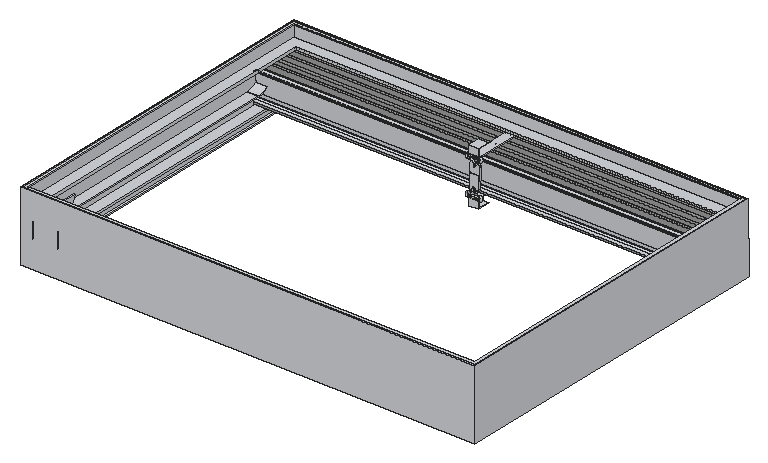
Revit family "C-FS, C-FS-B, C-FS-X", category Mechanical Equipment, Revit 2015
Parameters
  URL = "https://unitedenertech.com/catalog/pdf/D-5%20%20C-FS%20(B)%20(X).pdf"
  Type Comments = "Max. Size is (24\"w x 24\"h for C/FS and C/FSX) (24\"w x 22\"h for C/FSB)"
  Model = "C/FS, C/FSB, C/FSX"
  Manufacturer = "United Enertech Corporation"
  Exact Width = 2' - 0"
  Exact Height = 1' - 6"
  Description = "Square and Rectangular Ceiling Damper"
  Blade Width [instance] = Exact Width - 0' 0 3/16"  # 1' - 11 13/16"
Reference planes (in)
  plane 1 "Center (Front/Back)": y = 0
  plane 2: z = 0
  plane 3 "Center (Left/Right)": x = 0
  plane 4: x = -12
  plane 5: x = 12
  plane 6: y = -9
  plane 7: y = 9
  plane 8: z = 3.6875
  plane 9: y = 6.56503
  plane 10: y = 8.9641
  plane 11: x = -11.90617
  plane 12: x = 11.90617
Forms (in)
  Extrusion 1, solid, material "Roofing, EPDM Membrane"
    sketch origin (0, 0, 0) x (0, 1, 0) y (0, 0, 1)
      loop
        line (8.87221, 1.71498) -> (8.8312, 1.05609)
        arc (8.8312, 1.05609) -> (8.70159, 0.93383) -> (8.57105, 1.05509) r 0.13036
        line (8.57105, 1.05509) -> (8.4576, 2.67746)
        arc (8.4576, 2.67746) -> (8.39328, 2.73744) -> (8.32895, 2.67746) r 0.06448
        line (8.32895, 2.67746) -> (8.21235, 1.01004)
        arc (8.21235, 1.01004) -> (8.14803, 0.95006) -> (8.0837, 1.01004) r 0.06448
        line (8.0837, 1.01004) -> (7.9671, 2.67746)
        arc (7.9671, 2.67746) -> (7.90278, 2.73744) -> (7.83845, 2.67746) r 0.06448
        line (7.83845, 2.67746) -> (7.72185, 1.01004)
        arc (7.72185, 1.01004) -> (7.65752, 0.95006) -> (7.5932, 1.01004) r 0.06448
        line (7.5932, 1.01004) -> (7.4766, 2.67746)
        arc (7.4766, 2.67746) -> (7.41227, 2.73744) -> (7.34795, 2.67746) r 0.06448
        line (7.34795, 2.67746) -> (7.23135, 1.01004)
        arc (7.23135, 1.01004) -> (7.16702, 0.95006) -> (7.1027, 1.01004) r 0.06448
        line (7.1027, 1.01004) -> (6.9861, 2.67746)
        arc (6.9861, 2.67746) -> (6.92177, 2.73744) -> (6.85745, 2.67746) r 0.06448
        line (6.85745, 2.67746) -> (6.74085, 1.01004)
        arc (6.74085, 1.01004) -> (6.67652, 0.95006) -> (6.6122, 1.01004) r 0.06448
        line (6.6122, 1.01004) -> (6.4956, 2.67746) -> (6.45644, 2.67746) -> (6.57323, 1.00732)
        arc (6.57323, 1.00732) -> (6.67652, 0.91099) -> (6.77982, 1.00732) r 0.10355
        line (6.77982, 1.00732) -> (6.89641, 2.67473)
        arc (6.89641, 2.67473) -> (6.92177, 2.69838) -> (6.94713, 2.67473) r 0.02542
        line (6.94713, 2.67473) -> (7.06373, 1.00732)
        arc (7.06373, 1.00732) -> (7.16702, 0.91099) -> (7.27032, 1.00732) r 0.10355
        line (7.27032, 1.00732) -> (7.38692, 2.67473)
        arc (7.38692, 2.67473) -> (7.41227, 2.69838) -> (7.43763, 2.67473) r 0.02542
        line (7.43763, 2.67473) -> (7.55423, 1.00732)
        arc (7.55423, 1.00732) -> (7.65752, 0.91099) -> (7.76082, 1.00732) r 0.10355
        line (7.76082, 1.00732) -> (7.87742, 2.67473)
        arc (7.87742, 2.67473) -> (7.90278, 2.69838) -> (7.92813, 2.67473) r 0.02542
        line (7.92813, 2.67473) -> (8.04473, 1.00732)
        arc (8.04473, 1.00732) -> (8.14803, 0.91099) -> (8.25132, 1.00732) r 0.10355
        line (8.25132, 1.00732) -> (8.36792, 2.67473)
        arc (8.36792, 2.67473) -> (8.39328, 2.69838) -> (8.41864, 2.67473) r 0.02542
        line (8.41864, 2.67473) -> (8.53208, 1.05237)
        arc (8.53208, 1.05237) -> (8.70174, 0.89477) -> (8.87018, 1.05366) r 0.16942
        line (8.87018, 1.05366) -> (8.91135, 1.71498) -> (8.87221, 1.71498)
    from -11.90617 to 11.90617
Dimensions and locks (in)
  equal spacing: plane 4, plane 3 "Center (Left/Right)", plane 5
  "Exact Width": plane 4 to plane 5
  equal spacing: plane 7, plane 1 "Center (Front/Back)", plane 6
  "Exact Height": plane 7 to plane 6
  locked: plane 7 to plane 9 at 2.43497
  locked: plane 7 to plane 10 at 0.0359
  locked: plane 4 to plane 11 at 0.09383
  locked: plane 12 to plane 5 at 0.09383
  aligned and locked: level to plane 2
  aligned and locked: plane 3 "Center (Left/Right)" to nested 1
  aligned and locked: nested 1 to plane 1 "Center (Front/Back)"
  aligned and locked: nested 1 to level
  aligned and locked: nested 2 to plane 10
  aligned and locked: nested 3 to plane 9
  aligned and locked: plane 3 "Center (Left/Right)" to nested 2
  aligned and locked: nested 3 to plane 3 "Center (Left/Right)"
  aligned and locked: Extrusion 1 to plane 11
  aligned and locked: Extrusion 1 to plane 12
Automatic sketch dimensions
  Extrusion 1 sketch curve to Extrusion 1 sketch curve = 0' - 0"  (x22)
  plane 9 to Extrusion 1 sketch curve = 0' - 0.0082"
  Extrusion 1 sketch curve to Extrusion 1 sketch curve = 0' - 0.03897"  (x17)
  Extrusion 1 sketch curve to Extrusion 1 sketch curve = 0' - 0.06433"  (x8)
  plane 9 to Extrusion 1 sketch curve = 0' - 0.29242"
  Extrusion 1 sketch curve to Extrusion 1 sketch curve = 0' - 0.02536"  (x8)
  Extrusion 1 sketch curve to Extrusion 1 sketch curve = 0' - 0.28391"  (x3)
  Extrusion 1 sketch curve to Extrusion 1 sketch curve = 0' - 0.36185"  (x3)
  level to Extrusion 1 sketch curve = 0' - 1.01004"
  level to Extrusion 1 sketch curve = 0' - 1.00732"
  Extrusion 1 sketch curve to plane 8 = 0' - 1.01277"
  Extrusion 1 sketch curve to Extrusion 1 sketch curve = 0' - 0.28076"
  Extrusion 1 sketch curve to Extrusion 1 sketch curve = 0' - 0.13004"
  Extrusion 1 sketch curve to Extrusion 1 sketch curve = 0' - 0.13011"
  Extrusion 1 sketch curve to Extrusion 1 sketch curve = 0' - 0.03899"
  plane 10 to Extrusion 1 sketch curve = 0' - 0.09189"
  Extrusion 1 sketch curve to Extrusion 1 sketch curve = 0' - 0.03914"
  Extrusion 1 sketch curve to Extrusion 1 sketch curve = 0' - 0.00272"  (x8)
  Extrusion 1 sketch curve to Extrusion 1 sketch curve = 0' - 0.0045"  (x4)
  Extrusion 1 sketch curve to Extrusion 1 sketch curve = 0' - 0.04505"
  Extrusion 1 sketch curve to Extrusion 1 sketch curve = 0' - 0.00129"
  Extrusion 1 sketch curve to Extrusion 1 sketch curve = 0' - 0.66132"
  Extrusion 1 sketch curve to Extrusion 1 sketch curve = 0' - 0.00177"  (x7)
  Extrusion 1 sketch curve to plane 9 = 0' - 0.06943"
  Extrusion 1 sketch curve to Extrusion 1 sketch curve = 0' - 0.03916"
Nested families (in)
  nested 1: "CFS FRAMEE" at (0, -9, 1.84375) x (1, 0, 0) z (0, 1, 0), type "CFS FRAMEE"
    with EFL Height 0' - 2 43/64", Blade Width 1' - 11 7/8", Blade Pair Number 5, Damper Height 1' - 6"
  nested 2: "Steel Blade" at (0, 8.12138, 0.67583) x (1, 0, 0) z (0, 1, 0), type "Steel Blade"
    with Blade Width 1' - 11 13/16"
  nested 3: "Steel Blade" at (0, 5.72231, 3.01167) x (1, 0, 0) z (0, 1, 0), type "Steel Blade"
    with Blade Width 1' - 11 13/16"
Definition of nested family "CFS FRAMEE"
  Parameters (values of type "CFS FRAMEE")
    URL = "http://unitedenertech.com/catalog/pdf/A-10%20%20FDD-ALB.pdf"
    Type Comments = "Max. Sizes are (Vertical 72\"w x 36\"h or 36\"w x 72\"h) (Horizontal 36\"w x 36\"h)"
    Model = "FDD-ALB"
    Manufacturer = "United Enertech Corporation"
    Keynote = ""
    Exact Width = 2' - 0"
    EFL Height [instance] = Blade Pair Number * 0' 0 13/32" + 0' 0 41/64"  # 0' - 1 55/64"
    Description = "Curtain Fire Damper for use in Static or Dynamic Systems"
    Damper Height = 1' - 0"
    Depth = 0' - 3 11/16"
    Blade Width [instance] = Exact Width - 0' 0 1/8"  # 1' - 11 7/8"
    Blade Pair Number [instance] = (Damper Height - 0' 0 9/128") / 0' 3 7/8"  # 3
  Reference planes (in)
    plane 1 "Center (Front/Back)": y = 0
    plane 2: z = 0
    plane 3 "Center (Left/Right)": x = 0
    plane 4: x = -12
    plane 5: x = 12
    plane 6: y = -1.84375
    plane 7: y = 1.84375
    plane 8: z = 12
    plane 9: x = -11.9641
    plane 10: x = 11.9641
    plane 11: z = 0.0359
    plane 12: z = 11.9641
    plane 13: y = 1.09375
    plane 14: y = -1.09375
    plane 15: y = -0.96875
    plane 16: y = 0.96875
    plane 17: z = 0.6609
    plane 18: x = -11.3391
    plane 19: x = 11.3391
    plane 20: z = 11.3391
    plane 21: x = -0.25
    plane 22: x = 0.25
    plane 23: z = 8.88598
    plane 24: z = 8.92188
    plane 25: z = 0.2234
    plane 26: z = 11.7766
    plane 27: x = 11.7766
    plane 28: x = -11.7766
    plane 29: y = 1.80785
    plane 30: y = -1.80785
    plane 31: z = 6
  Forms (in)
    Extrusion 1, solid
      sketch origin (0, 0, 0) x (1, 0, 0) y (0, 0, 1)
        loop
          line (-11.9641, 11.9641) -> (-11.9641, 0.0359) -> (11.9641, 0.0359) -> (11.9641, 11.9641) -> (-11.9641, 11.9641)
        loop
          line (-12, 12) -> (-12, 0) -> (12, 0) -> (12, 12) -> (-12, 12)
      from -1.84375 to 1.84375
    Extrusion 2, solid
      sketch origin (0, 0, 0) x (1, 0, 0) y (0, 0, 1)
        loop
          line (-11.3391, 11.3391) -> (-11.3391, 0.6609) -> (11.3391, 0.6609) -> (11.3391, 11.3391) -> (-11.3391, 11.3391)
        loop
          line (-11.9641, 11.9641) -> (-11.9641, 0.0359) -> (11.9641, 0.0359) -> (11.9641, 11.9641) -> (-11.9641, 11.9641)
      from 0.96875 to 1.09375
    Extrusion 3, solid
      sketch origin (0, 0, 0) x (1, 0, 0) y (0, 0, 1)
        loop
          line (-11.3391, 11.3391) -> (-11.3391, 0.6609) -> (11.3391, 0.6609) -> (11.3391, 11.3391) -> (-11.3391, 11.3391)
        loop
          line (-11.9641, 11.9641) -> (-11.9641, 0.0359) -> (11.9641, 0.0359) -> (11.9641, 11.9641) -> (-11.9641, 11.9641)
      from -1.09375 to -0.96875
    Extrusion 4, solid
      sketch origin (0, 0, 0) x (0, 1, 0) y (0, 0, 1)
        loop
          line (0.96875, 11.9641) -> (0.93285, 11.9641) -> (0.93285, 8.88598) -> (1.43285, 8.88598) -> (1.43285, 9.55473) -> (1.39695, 9.55473) -> (1.39695, 8.92188) -> (0.96875, 8.92188) -> (0.96875, 11.9641)
      from -0.25 to 0.25
    Extrusion 5, solid
      sketch origin (0, 0, 0) x (0, -1, 0) y (0, 0, -1)
        loop
          line (0.96875, -11.9641) -> (0.96875, -8.92188) -> (1.39695, -8.92188) -> (1.39695, -9.55473) -> (1.43285, -9.55473) -> (1.43285, -8.88598) -> (0.93285, -8.88598) -> (0.93285, -11.9641) -> (0.96875, -11.9641)
      from -0.25 to 0.25
    Extrusion 6, solid
      sketch origin (0, 0, 0) x (0, 1, 0) y (0, 0, 1)
        loop
          line (0.18683, 0.46965) -> (0.18683, 8.88598) -> (0.15093, 8.88598) -> (0.15093, 0.46965) -> (0.18683, 0.46965)
      from 11.3391 to 11.9641
    Extrusion 7, solid
      sketch origin (0, 0, 0) x (0, 1, 0) y (0, 0, 1)
        loop
          line (0.18683, 0.46965) -> (0.18683, 8.88598) -> (0.15093, 8.88598) -> (0.15093, 0.46965) -> (0.18683, 0.46965)
      from -11.3391 to -11.9641
    Extrusion 8, solid
      sketch origin (0, 0, 0) x (0, 1, 0) y (0, 0, 1)
        loop
          arc (0.18683, 8.88598) -> (0.08831, 9.27851) -> (-0.15941, 9.59854) r 0.98736
          line (-0.15941, 9.59854) -> (-0.18442, 9.57353)
          arc (-0.18442, 9.57353) -> (0.05139, 9.26299) -> (0.15093, 8.88598) r 1.00288
          line (0.15093, 8.88598) -> (0.18683, 8.88598)
      from 11.3391 to 11.9641
    Extrusion 9, solid
      sketch origin (0, 0, 0) x (0, 1, 0) y (0, 0, 1)
        loop
          arc (0.18683, 8.88598) -> (0.08831, 9.27851) -> (-0.15941, 9.59854) r 0.98736
          line (-0.15941, 9.59854) -> (-0.18442, 9.57353)
          arc (-0.18442, 9.57353) -> (0.05139, 9.26299) -> (0.15093, 8.88598) r 1.00288
          line (0.15093, 8.88598) -> (0.18683, 8.88598)
      from -11.9641 to -11.3391
    Extrusion 10, solid
      sketch origin (0, 0, 0) x (1, 0, 0) y (0, 0, 1)
        loop
          line (-11.7766, 11.7766) -> (-11.7766, 0.2234) -> (11.7766, 0.2234) -> (11.7766, 11.7766) -> (-11.7766, 11.7766)
        loop
          line (-11.9641, 0.0359) -> (11.9641, 0.0359) -> (11.9641, 11.9641) -> (-11.9641, 11.9641) -> (-11.9641, 0.0359)
      from -1.84375 to -1.80785
    Extrusion 11, solid
      sketch origin (0, 0, 0) x (1, 0, 0) y (0, 0, 1)
        loop
          line (-11.7766, 11.7766) -> (-11.7766, 0.2234) -> (11.7766, 0.2234) -> (11.7766, 11.7766) -> (-11.7766, 11.7766)
        loop
          line (-11.9641, 0.0359) -> (11.9641, 0.0359) -> (11.9641, 11.9641) -> (-11.9641, 11.9641) -> (-11.9641, 0.0359)
      from 1.80785 to 1.84375
  Dimensions and locks (in)
    equal spacing: plane 4, plane 3 "Center (Left/Right)", plane 5
    "Exact Width": plane 4 to plane 5
    equal spacing: plane 7, plane 1 "Center (Front/Back)", plane 6
    "Depth": plane 7 to plane 6
    "Damper Height": plane 8 to level
    locked: plane 9 to plane 4 at 0.0359
    locked: plane 5 to plane 10 at 0.0359
    locked: plane 8 to plane 12 at 0.0359
    locked: plane 11 to level at 0.0359
    locked: plane 13 to plane 14 at 2.1875
    locked: plane 15 to plane 14 at 0.125
    locked: plane 13 to plane 16 at 0.125
    locked: plane 18 to plane 9 at 0.625
    locked: plane 10 to plane 19 at 0.625
    locked: plane 17 to plane 11 at 0.625
    locked: plane 12 to plane 20 at 0.625
    locked: plane 24 to plane 23 at 0.0359
    locked: plane 25 to level at 0.2234
    locked: plane 8 to plane 26 at 0.2234
    locked: plane 4 to plane 28 at 0.2234
    locked: plane 5 to plane 27 at 0.2234
    locked: plane 7 to plane 29 at 0.0359
    locked: plane 30 to plane 6 at 0.0359
    locked: plane 8 to plane 23 at 3.11402
    equal spacing: plane 8, plane 31, level
    aligned and locked: level to plane 2
    aligned and locked: level to Extrusion 1 sketch curve
    aligned and locked: Extrusion 1 sketch curve to plane 4
    aligned and locked: Extrusion 1 sketch curve to plane 5
    aligned and locked: Extrusion 1 sketch curve to plane 8
    aligned and locked: Extrusion 1 sketch curve to plane 12
    aligned and locked: plane 10 to Extrusion 1 sketch curve
    aligned and locked: plane 11 to Extrusion 1 sketch curve
    aligned and locked: plane 9 to Extrusion 1 sketch curve
    aligned and locked: plane 7 to Extrusion 1
    aligned and locked: Extrusion 1 to plane 6
    aligned and locked: plane 11 to Extrusion 2 sketch curve
    aligned and locked: plane 9 to Extrusion 2 sketch curve
    aligned and locked: plane 10 to Extrusion 2 sketch curve
    aligned and locked: Extrusion 2 sketch curve to plane 12
    aligned and locked: Extrusion 2 sketch curve to plane 20
    aligned and locked: Extrusion 2 sketch curve to plane 19
    aligned and locked: plane 17 to Extrusion 2 sketch curve
    aligned and locked: Extrusion 2 sketch curve to plane 18
    aligned and locked: plane 13 to Extrusion 3
    aligned and locked: Extrusion 3 to plane 16
    aligned and locked: plane 15 to Extrusion 2
    aligned and locked: Extrusion 2 to plane 14
    aligned and locked: plane 21 to Extrusion 5
    aligned and locked: plane 21 to Extrusion 4
    aligned and locked: plane 22 to Extrusion 5
    aligned and locked: plane 22 to Extrusion 4
    aligned and locked: Extrusion 5 sketch curve to plane 23
    aligned and locked: plane 23 to Extrusion 4 sketch curve
    aligned and locked: plane 24 to Extrusion 4 sketch curve
    aligned and locked: Extrusion 5 sketch curve to plane 24
    aligned and locked: nested 1 to plane 24
    aligned and locked: nested 2 to plane 9
    aligned and locked: plane 10 to nested 3
    aligned and locked: Extrusion 6 sketch curve to plane 23
    aligned and locked: Extrusion 7 to plane 9
    aligned and locked: Extrusion 7 to plane 18
    aligned and locked: Extrusion 6 to plane 19
    aligned and locked: Extrusion 6 to plane 10
    aligned and locked: Extrusion 8 sketch curve to plane 23
    aligned and locked: Extrusion 9 to plane 9
    aligned and locked: Extrusion 9 to plane 18
    aligned and locked: plane 10 to Extrusion 8
    aligned and locked: Extrusion 8 to plane 19
    aligned and locked: Extrusion 10 sketch curve to plane 11
    aligned and locked: Extrusion 10 sketch curve to plane 10
    aligned and locked: Extrusion 10 sketch curve to plane 9
    aligned and locked: plane 12 to Extrusion 10 sketch curve
    aligned and locked: plane 26 to Extrusion 10 sketch curve
    aligned and locked: Extrusion 10 sketch curve to plane 28
    aligned and locked: Extrusion 10 sketch curve to plane 25
    aligned and locked: Extrusion 10 sketch curve to plane 27
    aligned and locked: plane 7 to Extrusion 10
    aligned and locked: Extrusion 10 to plane 29
    aligned and locked: Extrusion 11 to plane 30
    aligned and locked: Extrusion 11 to plane 6
  Automatic sketch dimensions
    Extrusion 3 sketch curve to plane 9 = 0' - 0"
    Extrusion 3 sketch curve to plane 17 = 0' - 0"
    plane 18 to Extrusion 3 sketch curve = 0' - 0"
    Extrusion 3 sketch curve to plane 19 = 0' - 0"
    plane 10 to Extrusion 3 sketch curve = 0' - 0"
    Extrusion 3 sketch curve to plane 11 = 0' - 0"
    Extrusion 3 sketch curve to plane 20 = 0' - 0"
    Extrusion 3 sketch curve to plane 12 = 0' - 0"
    Extrusion 4 sketch curve to plane 12 = 0' - 0"
    Extrusion 4 sketch curve to plane 16 = 0' - 0"
    Extrusion 4 sketch curve to plane 16 = 0' - 0.0359"
    plane 13 to Extrusion 4 sketch curve = 0' - 0.3032"
    Extrusion 4 sketch curve to Extrusion 4 sketch curve = 0' - 0.0359"
    plane 24 to Extrusion 4 sketch curve = 0' - 0.63285"
    Extrusion 5 sketch curve to plane 12 = 0' - 0"
    Extrusion 5 sketch curve to plane 15 = 0' - 0"
    Extrusion 5 sketch curve to plane 15 = 0' - 0.0359"
    plane 14 to Extrusion 5 sketch curve = 0' - 0.3032"
    Extrusion 5 sketch curve to Extrusion 5 sketch curve = 0' - 0.0359"
    Extrusion 5 sketch curve to plane 24 = 0' - 0.63285"
    Extrusion 6 sketch curve to plane 1 "Center (Front/Back)" = 0' - 0.15093"
    Extrusion 6 sketch curve to Extrusion 6 sketch curve = 0' - 0.0359"
    Extrusion 6 sketch curve to plane 17 = 0' - 0.19125"
    Extrusion 7 sketch curve to plane 23 = 0' - 0"
    Extrusion 7 sketch curve to plane 1 "Center (Front/Back)" = 0' - 0.15093"
    Extrusion 7 sketch curve to Extrusion 7 sketch curve = 0' - 0.0359"
    Extrusion 7 sketch curve to plane 17 = 0' - 0.19125"
    plane 15 to Extrusion 8 sketch curve = 0' - 0.11876"
    Extrusion 8 sketch curve to Extrusion 8 sketch curve = 0' - 0.05023"
    plane 1 "Center (Front/Back)" to Extrusion 8 sketch curve = 0' - 0.18442"
    Extrusion 8 sketch curve to Extrusion 8 sketch curve = 0' - 0.02501"
    Extrusion 8 sketch curve to plane 1 "Center (Front/Back)" = 0' - 0.15093"
    Extrusion 8 sketch curve to Extrusion 8 sketch curve = 0' - 0.0359"
    Extrusion 8 sketch curve to plane 23 = 0' - 0.03898"
    Extrusion 8 sketch curve to Extrusion 8 sketch curve = 0' - 0.02364"
    Extrusion 9 sketch curve to plane 23 = 0' - 0"
    plane 15 to Extrusion 9 sketch curve = 0' - 0.11876"
    Extrusion 9 sketch curve to Extrusion 9 sketch curve = 0' - 0.05023"
    plane 1 "Center (Front/Back)" to Extrusion 9 sketch curve = 0' - 0.18442"
    Extrusion 9 sketch curve to Extrusion 9 sketch curve = 0' - 0.02501"
    Extrusion 9 sketch curve to plane 1 "Center (Front/Back)" = 0' - 0.15093"
    Extrusion 9 sketch curve to Extrusion 9 sketch curve = 0' - 0.0359"
    Extrusion 9 sketch curve to plane 23 = 0' - 0.03898"
    Extrusion 9 sketch curve to Extrusion 9 sketch curve = 0' - 0.02364"
    Extrusion 11 sketch curve to plane 9 = 0' - 0"
    Extrusion 11 sketch curve to plane 25 = 0' - 0"
    plane 28 to Extrusion 11 sketch curve = 0' - 0"
    Extrusion 11 sketch curve to plane 26 = 0' - 0"
    Extrusion 11 sketch curve to plane 27 = 0' - 0"
    plane 10 to Extrusion 11 sketch curve = 0' - 0"
    Extrusion 11 sketch curve to plane 11 = 0' - 0"
    Extrusion 11 sketch curve to plane 12 = 0' - 0"
  Nested families (in)
    nested 1: "EFL" at (4.62017, 3.54736, 8.92188), type "EFL"
    nested 2: "Fire Damper Spring" at (-11.41019, -4.48368, -2.82915) x (0, 1, 0) z (0, 0, 1), type "Fire Damper Spring"
    nested 3: "Fire Damper Spring" at (11.41019, -4.48368, -2.82915) x (0, 1, 0) z (0, 0, 1), type "Fire Damper Spring"
  Definition of nested family "EFL"
    Reference planes (in)
      plane 1 "Center (Front/Back)": y = 0
      plane 2: z = 0
      plane 3 "Center (Left/Right)": x = 0
    Forms (in)
      Extrusion 1, solid
        sketch origin (0, 0, 0) x (1, 0, 0) y (0, 1, 0)
          loop
            arc (-4.87017, -4.05324) -> (-4.81525, -4.18582) -> (-4.68267, -4.24074) r 0.1875
            line (-4.68267, -4.24074) -> (-4.55767, -4.24074)
            arc (-4.55767, -4.24074) -> (-4.42508, -4.18582) -> (-4.37017, -4.05324) r 0.1875
            line (-4.37017, -4.05324) -> (-4.37017, -3.41574) -> (-4.87017, -3.41574) -> (-4.87017, -4.05324)
          loop
            circle (-4.62017, -4.05324) r 0.0625
        from 0.1 to 0.05
      Extrusion 2, solid
        sketch origin (-9.24033, -7.08147, 0) x (-1, 0, 0) y (0, -1, 0)
          loop
            arc (-4.87017, -4.05324) -> (-4.81525, -4.18582) -> (-4.68267, -4.24074) r 0.1875
            line (-4.68267, -4.24074) -> (-4.55767, -4.24074)
            arc (-4.55767, -4.24074) -> (-4.42508, -4.18582) -> (-4.37017, -4.05324) r 0.1875
            line (-4.37017, -4.05324) -> (-4.37017, -3.41574) -> (-4.87017, -3.41574) -> (-4.87017, -4.05324)
          loop
            circle (-4.62017, -4.05324) r 0.0625
        from 0 to 0.05
      Sweep 3, solid
        path in 3D
          loop
            line (-4.62017, -4.16421, 0) -> (-4.62017, -4.22608, 0)
            arc (-4.62017, -4.22608, 0) -> (-4.65678, -4.31447, 0) -> (-4.74517, -4.35108, 0) r 0.125
            line (-4.74517, -4.35108, 0) -> (-4.92568, -4.35108, 0)
            arc (-4.92568, -4.35108, 0) -> (-5.02859, -4.454, 0) -> (-4.92568, -4.55691, 0) r 0.10291
            line (-4.92568, -4.55691, 0) -> (-4.62017, -4.55691, 0) -> (-4.31465, -4.55691, 0)
            arc (-4.31465, -4.55691, 0) -> (-4.21174, -4.454, 0) -> (-4.31465, -4.35108, 0) r 0.10291
            line (-4.31465, -4.35108, 0) -> (-4.58427, -4.35108, 0)
        profile origin (-4.62017, -4.19515, 0) x (1, 0, 0) y (0, 0, 1)
          loop
            circle (0, 0) r 0.03202
      Sweep 4, solid
        path in 3D
          loop
            line (-4.62017, -4.283, 0.1526) -> (-4.62017, -4.12297, 0.1526)
            arc (-4.62017, -4.12297, 0.1526) -> (-4.62017, -4.04635, 0.07598) -> (-4.62017, -4.12297, -0.00063) r 0.07662
            line (-4.62017, -4.12297, -0.00063) -> (-4.62017, -4.16421, -0.00063)
        profile origin (-4.62017, -4.14359, -0.00063) x (0, 0, -1) y (1, 0, 0)
          loop
            circle (0, 0) r 0.03138
      Sweep 5, solid
        path in 3D
          loop
            line (-4.62017, -2.91726, 0) -> (-4.62017, -2.85539, 0)
            arc (-4.62017, -2.85539, 0) -> (-4.65678, -2.767, 0) -> (-4.74517, -2.73039, 0) r 0.125
            line (-4.74517, -2.73039, 0) -> (-4.92568, -2.73039, 0)
            arc (-4.92568, -2.73039, 0) -> (-5.02859, -2.62747, 0) -> (-4.92568, -2.52456, 0) r 0.10291
            line (-4.92568, -2.52456, 0) -> (-4.62017, -2.52456, 0) -> (-4.31465, -2.52456, 0)
            arc (-4.31465, -2.52456, 0) -> (-4.21174, -2.62747, 0) -> (-4.31465, -2.73039, 0) r 0.10291
            line (-4.31465, -2.73039, 0) -> (-4.58427, -2.73039, 0)
        profile origin (-4.62017, -2.88633, 0) x (-1, 0, 0) y (0, 0, 1)
          loop
            circle (0, 0) r 0.03202
      Sweep 6, solid
        path in 3D
          loop
            line (-4.62017, -2.79848, 0.1526) -> (-4.62017, -2.95851, 0.1526)
            arc (-4.62017, -2.95851, 0.1526) -> (-4.62017, -3.03512, 0.07598) -> (-4.62017, -2.95851, -0.00063) r 0.07662
            line (-4.62017, -2.95851, -0.00063) -> (-4.62017, -2.91726, -0.00063)
        profile origin (-4.62017, -2.93788, -0.00063) x (0, 0, 1) y (1, 0, 0)
          loop
            circle (0, 0) r 0.03138
    Lines and regions (in)
      sketch lines
        curve 1: line (-4.62017, -4.16421, 0) -> (-4.62017, -4.22608, 0)
        curve 2: arc (-4.74517, -4.35108, 0) -> (-4.65678, -4.31447, 0) -> (-4.62017, -4.22608, 0) r 0.125
        curve 3: line (-4.74517, -4.35108, 0) -> (-4.92568, -4.35108, 0)
        curve 4: arc (-4.92568, -4.35108, 0) -> (-5.02859, -4.454, 0) -> (-4.92568, -4.55691, 0) r 0.10291
        curve 5: line (-4.62017, -4.55691, 0) -> (-4.92568, -4.55691, 0)
        curve 6: line (-4.62017, -4.55691, 0) -> (-4.31465, -4.55691, 0)
        curve 7: arc (-4.31465, -4.55691, 0) -> (-4.21174, -4.454, 0) -> (-4.31465, -4.35108, 0) r 0.10291
        curve 8: line (-4.58427, -4.35108, 0) -> (-4.31465, -4.35108, 0)
        curve 9: line (-4.62017, -4.12297, -0.00063) -> (-4.62017, -4.16421, -0.00063)
        curve 10: arc (-4.62017, -4.12297, -0.00063) -> (-4.62017, -4.04635, 0.07598) -> (-4.62017, -4.12297, 0.1526) r 0.07662
        curve 11: line (-4.62017, -4.12297, 0.1526) -> (-4.62017, -4.283, 0.1526)
        curve 12: line (-4.62017, -2.91726, 0) -> (-4.62017, -2.85539, 0)
        curve 13: arc (-4.74517, -2.73039, 0) -> (-4.65678, -2.767, 0) -> (-4.62017, -2.85539, 0) r 0.125
        curve 14: line (-4.74517, -2.73039, 0) -> (-4.92568, -2.73039, 0)
        curve 15: arc (-4.92568, -2.73039, 0) -> (-5.02859, -2.62747, 0) -> (-4.92568, -2.52456, 0) r 0.10291
        curve 16: line (-4.62017, -2.52456, 0) -> (-4.92568, -2.52456, 0)
        curve 17: line (-4.62017, -2.52456, 0) -> (-4.31465, -2.52456, 0)
        curve 18: arc (-4.31465, -2.52456, 0) -> (-4.21174, -2.62747, 0) -> (-4.31465, -2.73039, 0) r 0.10291
        curve 19: line (-4.58427, -2.73039, 0) -> (-4.31465, -2.73039, 0)
        curve 20: line (-4.62017, -2.95851, -0.00063) -> (-4.62017, -2.91726, -0.00063)
        curve 21: arc (-4.62017, -2.95851, -0.00063) -> (-4.62017, -3.03512, 0.07598) -> (-4.62017, -2.95851, 0.1526) r 0.07662
        curve 22: line (-4.62017, -2.95851, 0.1526) -> (-4.62017, -2.79848, 0.1526)
    Dimensions and locks (in)
      aligned and locked: level to plane 2
  Definition of nested family "Fire Damper Spring"
    Reference planes (in)
      plane 1 "Center (Front/Back)": y = 0
      plane 2: z = 0
      plane 3 "Center (Left/Right)": x = 0
    Forms (in)
      Extrusion 1, solid
        sketch origin (-1.85058, 0, 0) x (1, 0, 0) y (0, 0, 1)
          loop
            line (5.83358, 5.61505) -> (5.83358, 2.86505) -> (6.70858, 2.86505) -> (6.70858, 3.11505) -> (6.83358, 3.11505) -> (6.83358, 3.74645) -> (6.70858, 4.08156) -> (6.70858, 4.28395) -> (6.83358, 4.40895)
            arc (6.83358, 4.40895) -> (6.47375, 5.12822) -> (5.83358, 5.61505) r 1.77618
          loop
            line (6.15858, 3.72986) -> (6.15858, 3.22986) -> (6.50858, 3.22986) -> (6.50858, 3.72986) -> (6.15858, 3.72986)
        from 0 to 0.06
      Extrusion 2, solid
        sketch origin (0, 0, 0) x (1, 0, 0) y (0, 0, 1)
          loop
            line (3.983, 2.86505) -> (4.858, 2.86505) -> (4.858, 2.92505) -> (3.983, 2.92505) -> (3.983, 2.86505)
        from 0.06 to 1.375
      Extrusion 3, solid
        sketch origin (-1.27452, 0, -0.02337) x (1, 0, 0) y (0, 0, 1)
          loop
            circle (5.75753, 3.32218) r 0.1875
          loop
            circle (5.75753, 3.32218) r 0.16
        from 0 to -0.5
      Extrusion 4, solid
        sketch origin (0, 0, 0) x (1, 0, 0) y (0, 0, 1)
          loop
            line (4.38792, 3.22986) -> (4.38792, 3.16986) -> (4.57943, 3.16986) -> (4.57943, 3.22986) -> (4.38792, 3.22986)
        from 0 to -0.55391
    Dimensions and locks (in)
      aligned and locked: level to plane 2
Definition of nested family "Steel Blade"
  Parameters (values of type "Steel Blade")
    Blade Width = 1' - 11 7/8"
  Reference planes (in)
    plane 1 "Center (Front/Back)": y = 0
    plane 2: z = 0
    plane 3 "Center (Left/Right)": x = 0
    plane 4: x = -11.9375
    plane 5: x = 11.9375
  Forms (in)
    Extrusion 1, solid
      sketch origin (0, 0, 0) x (0, 1, 0) y (0, 0, 1)
        loop
          line (-0.31672, 0.53073) -> (-0.3446, 0.62657)
          arc (-0.3446, 0.62657) -> (-0.33726, 0.6415) -> (-0.32269, 0.63348) r 0.0115
          line (-0.32269, 0.63348) -> (-0.30545, 0.53536)
          arc (-0.30545, 0.53536) -> (-0.31611, 0.49773) -> (-0.35217, 0.48264) r 0.045
          line (-0.35217, 0.48264) -> (-0.39872, 0.48554)
          arc (-0.39872, 0.48554) -> (-0.42675, 0.49692) -> (-0.44125, 0.52348) r 0.045
          line (-0.44125, 0.52348) -> (-0.47071, 0.66865)
          arc (-0.47071, 0.66865) -> (-0.48965, 0.70349) -> (-0.5262, 0.7189) r 0.06
          line (-0.5262, 0.7189) -> (-1.55698, 0.78305) -> (-1.76244, 0.79584)
          arc (-1.76244, 0.79584) -> (-1.79846, 0.78683) -> (-1.82228, 0.75836) r 0.06
          line (-1.82228, 0.75836) -> (-1.88016, 0.61423)
          arc (-1.88016, 0.61423) -> (-1.90974, 0.57877) -> (-1.95445, 0.56733) r 0.075
          arc (-1.95445, 0.56733) -> (-2.03902, 0.60869) -> (-2.06957, 0.69773) r 0.123
          line (-2.06957, 0.69773) -> (-2.06418, 0.78456)
          arc (-2.06418, 0.78456) -> (-2.05371, 0.80551) -> (-2.03138, 0.81256) r 0.03
          line (-2.03138, 0.81256) -> (-1.90763, 0.80489) -> (-1.90763, 0.8362) -> (-2.01284, 0.84272) -> (-2.04641, 0.84272)
          arc (-2.04641, 0.84272) -> (-2.08042, 0.82292) -> (-2.09536, 0.7865) r 0.06125
          line (-2.09536, 0.7865) -> (-2.10077, 0.69966)
          arc (-2.10077, 0.69966) -> (-2.06244, 0.58801) -> (-1.95639, 0.53614) r 0.15425
          arc (-1.95639, 0.53614) -> (-1.89306, 0.55235) -> (-1.8512, 0.60257) r 0.10625
          line (-1.8512, 0.60257) -> (-1.7933, 0.74674)
          arc (-1.7933, 0.74674) -> (-1.78183, 0.76038) -> (-1.76452, 0.76466) r 0.02875
          line (-1.76452, 0.76466) -> (-1.55892, 0.75186) -> (-0.52813, 0.68773)
          arc (-0.52813, 0.68773) -> (-0.51045, 0.68016) -> (-0.50148, 0.66314) r 0.02875
          line (-0.50148, 0.66314) -> (-0.47199, 0.51784)
          arc (-0.47199, 0.51784) -> (-0.4474, 0.47346) -> (-0.4004, 0.45434) r 0.07625
          line (-0.4004, 0.45434) -> (-0.35398, 0.45144)
          arc (-0.35398, 0.45144) -> (-0.29278, 0.47694) -> (-0.27468, 0.54073) r 0.07625
          line (-0.27468, 0.54073) -> (-0.29191, 0.63889)
          arc (-0.29191, 0.63889) -> (-0.33988, 0.67434) -> (-0.37768, 0.6282) r 0.04327
          line (-0.37768, 0.6282) -> (-0.34677, 0.52199) -> (-0.31672, 0.53073)
      from -11.9375 to 11.9375
  Dimensions and locks (in)
    equal spacing: plane 4, plane 3 "Center (Left/Right)", plane 5
    "Blade Width": plane 4 to plane 5
    aligned and locked: level to plane 2
    aligned and locked: plane 4 to Extrusion 1
    aligned and locked: plane 5 to Extrusion 1
  Automatic sketch dimensions
    Extrusion 1 sketch curve to Extrusion 1 sketch curve = 0' - 0"  (x30)
    level to Extrusion 1 sketch curve = 0' - 0.7827"
    plane 1 "Center (Front/Back)" to Extrusion 1 sketch curve = 0' - 2.03423"
    Extrusion 1 sketch curve to Extrusion 1 sketch curve = 0' - 0.00284"
    Extrusion 1 sketch curve to Extrusion 1 sketch curve = 0' - 0.01854"
    Extrusion 1 sketch curve to Extrusion 1 sketch curve = 0' - 0.08443"
    Extrusion 1 sketch curve to Extrusion 1 sketch curve = 0' - 0.00298"
    Extrusion 1 sketch curve to Extrusion 1 sketch curve = 0' - 0.03918"
    Extrusion 1 sketch curve to Extrusion 1 sketch curve = 0' - 0.14102"
    level to Extrusion 1 sketch curve = 0' - 0.76466"
    Extrusion 1 sketch curve to Extrusion 1 sketch curve = 0' - 0.00209"
    level to Extrusion 1 sketch curve = 0' - 0.79584"
    Extrusion 1 sketch curve to Extrusion 1 sketch curve = 0' - 0.00208"  (x2)
    level to Extrusion 1 sketch curve = 0' - 0.75186"
    Extrusion 1 sketch curve to Extrusion 1 sketch curve = 0' - 0.2056"
    Extrusion 1 sketch curve to Extrusion 1 sketch curve = 0' - 0.00194"  (x2)
    plane 1 "Center (Front/Back)" to Extrusion 1 sketch curve = 0' - 0.52993"
    Extrusion 1 sketch curve to Extrusion 1 sketch curve = 0' - 0.02845"
    Extrusion 1 sketch curve to Extrusion 1 sketch curve = 0' - 0.02949"
    Extrusion 1 sketch curve to Extrusion 1 sketch curve = 0' - 0.03077"  (x2)
    Extrusion 1 sketch curve to Extrusion 1 sketch curve = 0' - 0.03074"
    Extrusion 1 sketch curve to Extrusion 1 sketch curve = 0' - 0.04085"
    Extrusion 1 sketch curve to Extrusion 1 sketch curve = 0' - 0.00168"
    Extrusion 1 sketch curve to Extrusion 1 sketch curve = 0' - 0.04445"
    Extrusion 1 sketch curve to Extrusion 1 sketch curve = 0' - 0.01912"
    Extrusion 1 sketch curve to Extrusion 1 sketch curve = 0' - 0.04641"
    Extrusion 1 sketch curve to Extrusion 1 sketch curve = 0' - 0.00182"
    Extrusion 1 sketch curve to Extrusion 1 sketch curve = 0' - 0.00238"
    Extrusion 1 sketch curve to Extrusion 1 sketch curve = 0' - 0.00302"
    Extrusion 1 sketch curve to Extrusion 1 sketch curve = 0' - 0.03307"
    Extrusion 1 sketch curve to Extrusion 1 sketch curve = 0' - 0.01008"
    Extrusion 1 sketch curve to Extrusion 1 sketch curve = 0' - 0.00072"
    Extrusion 1 sketch curve to Extrusion 1 sketch curve = 0' - 0.01112"
    Extrusion 1 sketch curve to Extrusion 1 sketch curve = 0' - 0.03006"
    Extrusion 1 sketch curve to Extrusion 1 sketch curve = 0' - 0.03078"
    Extrusion 1 sketch curve to Extrusion 1 sketch curve = 0' - 0.02867"
    Extrusion 1 sketch curve to Extrusion 1 sketch curve = 0' - 0.09261"
    level to Extrusion 1 sketch curve = 0' - 0.66865"
    Extrusion 1 sketch curve to Extrusion 1 sketch curve = 0' - 0.00551"
    Extrusion 1 sketch curve to Extrusion 1 sketch curve = 0' - 0.00412"
    Extrusion 1 sketch curve to Extrusion 1 sketch curve = 0' - 0.04791"
    Extrusion 1 sketch curve to Extrusion 1 sketch curve = 0' - 0.02976"
    Extrusion 1 sketch curve to Extrusion 1 sketch curve = 0' - 0.00541"
    Extrusion 1 sketch curve to Extrusion 1 sketch curve = 0' - 0.00087"
    Extrusion 1 sketch curve to Extrusion 1 sketch curve = 0' - 0.00852"
    Extrusion 1 sketch curve to Extrusion 1 sketch curve = 0' - 0.00559"
    Extrusion 1 sketch curve to Extrusion 1 sketch curve = 0' - 0.00702"
    Extrusion 1 sketch curve to Extrusion 1 sketch curve = 0' - 0.00564"
    Extrusion 1 sketch curve to Extrusion 1 sketch curve = 0' - 0.03935"
    Extrusion 1 sketch curve to Extrusion 1 sketch curve = 0' - 0.0312"
    Extrusion 1 sketch curve to Extrusion 1 sketch curve = 0' - 0.03119"
    Extrusion 1 sketch curve to Extrusion 1 sketch curve = 0' - 0.1148"
    Extrusion 1 sketch curve to Extrusion 1 sketch curve = 0' - 0.03131"
    Extrusion 1 sketch curve to Extrusion 1 sketch curve = 0' - 0.02994"
    level to Extrusion 1 sketch curve = 0' - 0.78456"
    Extrusion 1 sketch curve to Extrusion 1 sketch curve = 0' - 0.00539"
    level to Extrusion 1 sketch curve = 0' - 0.69772"
    Extrusion 1 sketch curve to Extrusion 1 sketch curve = 0' - 0.03117"
    Extrusion 1 sketch curve to Extrusion 1 sketch curve = 0' - 0.03118"
    level to Extrusion 1 sketch curve = 0' - 0.69966"
    Extrusion 1 sketch curve to Extrusion 1 sketch curve = 0' - 0.03357"
    Extrusion 1 sketch curve to Extrusion 1 sketch curve = 0' - 0.0066"
    Extrusion 1 sketch curve to Extrusion 1 sketch curve = 0' - 0.06959"
    level to Extrusion 1 sketch curve = 0' - 0.61423"
    Extrusion 1 sketch curve to Extrusion 1 sketch curve = 0' - 0.00004"  (x2)
    Extrusion 1 sketch curve to Extrusion 1 sketch curve = 0' - 0.02896"
    level to Extrusion 1 sketch curve = 0' - 0.60259"
    level to Extrusion 1 sketch curve = 0' - 0.75838"
    Extrusion 1 sketch curve to Extrusion 1 sketch curve = 0' - 0.05778"
    level to Extrusion 1 sketch curve = 0' - 0.74674"
    Extrusion 1 sketch curve to Extrusion 1 sketch curve = 0' - 0.02669"
    Extrusion 1 sketch curve to Extrusion 1 sketch curve = 0' - 0.00179"
    Extrusion 1 sketch curve to Extrusion 1 sketch curve = 0' - 0.00193"
    Extrusion 1 sketch curve to Extrusion 1 sketch curve = 0' - 0.01125"
    Extrusion 1 sketch curve to Extrusion 1 sketch curve = 0' - 0.00003"
    Extrusion 1 sketch curve to Extrusion 1 sketch curve = 0' - 0.05622"
    Extrusion 1 sketch curve to Extrusion 1 sketch curve = 0' - 0.03016"
